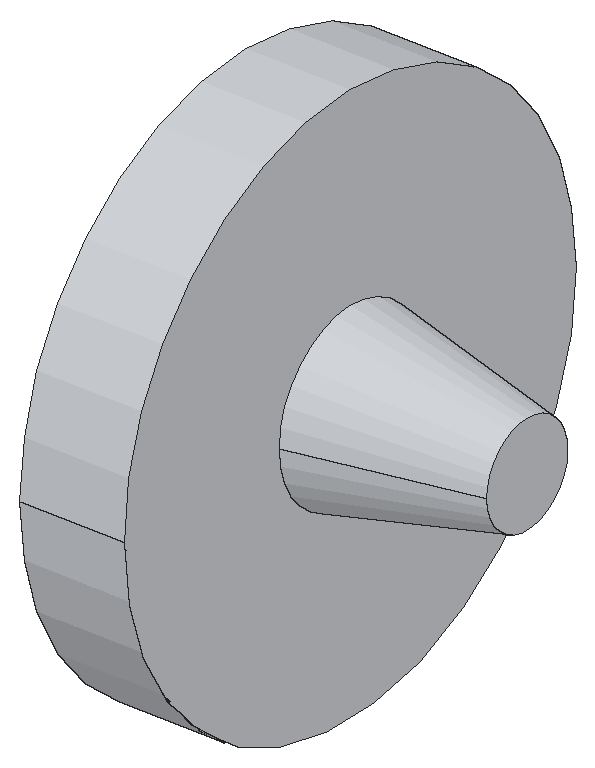
Revit family "10ccb82c2b4a4baaa00ae14e0265bceb", category Pipe Fittings, Revit 2021
Family settings
  Round Connector Dimension = Use Radius
  Part Type = Flange
  OmniClass Number = 23.60.30.11.14
  OmniClass Title = Pipework Fittings
  Seek Item ID = Flange - Weld Neck - Steel - Class 900-0000-USA-ENU
  Work Plane-Based = No
  Always vertical = Yes
  Cut with Voids When Loaded = No
  Shared = No
Parameters (values of type "Standard")
  Tick Size [instance] = Flange Outside Diameter * 0.4  # 1.88976"
  Raised Face Thickness [instance] = 1/4"  # constant formula
  Raised Face Radius [instance] = Raised Face Diameter / 2  # 0.68701"
  Raised Face Diameter [instance] = size_lookup(Lookup Table Name, "RFD", 1.11 * Nominal Diameter + 1 47/128", Nominal Diameter)  # 1.37402"
  Nominal Radius [instance] = 1/4"
  Nominal Diameter [instance] = Nominal Radius * 2  # 1/2"
  Loss Method = Not Defined
  Lookup Table Name = "Flange - Weld Neck - Steel - Class 900"
  Length Through Hub [instance] = size_lookup(Lookup Table Name, "LTH", 0.37 * Nominal Diameter + 2 227/256", Nominal Diameter)  # 2.3622"
  Hub Radius [instance] = Hub Diameter / 2  # 0.74803"
  Hub Diameter [instance] = size_lookup(Lookup Table Name, "HDia", 1.2 * Nominal Diameter + 1 53/128", Nominal Diameter)  # 1.49606"
  Hub Beginning Radius [instance] = Hub Beginning Diameter / 2  # 0.41929"
  Hub Beginning Diameter [instance] = size_lookup(Lookup Table Name, "HBD", 1 * Nominal Diameter + 29/64", Nominal Diameter)  # 0.83858"
  Flange Thickness [instance] = size_lookup(Lookup Table Name, "FThk", 0.18 * Nominal Diameter + 127/128", Nominal Diameter)  # 0.87795"
  Flange Outside Radius [instance] = Flange Outside Diameter / 2  # 2.3622"
  Flange Outside Diameter [instance] = size_lookup(Lookup Table Name, "FOD", 1.5 * Nominal Diameter + 5 33/256", Nominal Diameter)  # 4.72441"
  Default Elevation = 0' - 0"
Reference planes (in)
  plane 1 "Center (Front/Back)": y = 0
  plane 2: z = 0
  plane 3 "Center (Left/Right)": x = 0
  plane 4: x = 0.25
  plane 5: x = 1.12795
  plane 6: x = 2.6122
  plane 7: y = 1.88976
  plane 8: y = -1.88976
Forms (in)
  Sweep 1, solid, detail levels fine
    path in 3D
      loop
        line (0, 0, 0) -> (0.25, 0, 0)
    profile origin (0.125, 0, 0) x (0, 1, 0) y (0, 0, 1)
      loop
        circle (0, 0) r 0.68701
  Sweep 2, solid, detail levels fine
    path in 3D
      loop
        line (0.25, 0, 0) -> (1.12795, 0, 0)
    profile origin (0.68898, 0, 0) x (0, 1, 0) y (0, 0, 1)
      loop
        circle (0, 0) r 2.3622
  SweptBlend 3, solid, detail levels fine
    path in 3D
      loop
        line (1.12795, 0, 0) -> (2.6122, 0, 0)
    profile origin (1.12795, 0, 0) x (0, 1, 0) y (0, 0, 1)
      loop
        circle (0, 0) r 0.74803
    end profile origin (2.6122, 0, 0) x (0, 1, 0) y (0, 0, 1)
      loop
        circle (0, 0) r 0.41929
Cuts and joins
  joined: Sweep 1, Sweep 2, SweptBlend 3
Lines and regions (in)
  model lines, detail levels coarse+medium
    curve 1: line (0, 0, 0) -> (0.25, 0, 0)
    curve 2: line (0.25, 0, 0) -> (1.12795, 0, 0)
    curve 3: line (1.12795, 0, 0) -> (2.6122, 0, 0)
    curve 6: line (1.12795, 1.88976, 0) -> (1.12795, -1.88976, 0)
  sketch lines
    curve 4: line (0, 0, 0) -> (0.25, 0, 0)
    curve 5: line (0.25, 0, 0) -> (1.12795, 0, 0)
    curve 7: line (1.12795, 0, 0) -> (2.6122, 0, 0)
Dimensions and locks (in)
  "Raised Face Thickness": plane 3 "Center (Left/Right)" to plane 4
  "Flange Thickness": plane 4 to plane 5
  "Length Through Hub": plane 4 to plane 6
  equal spacing: plane 7, plane 1 "Center (Front/Back)", plane 8
  "Tick Size": plane 7 to plane 1 "Center (Front/Back)"
  "Raised Face Radius": radius of Sweep 1 sketch curve
  "Flange Outside Radius": radius of Sweep 2 sketch curve
  "Hub Radius": radius of SweptBlend 3 sketch curve
  "Hub Beginning Radius": radius of SweptBlend 3 sketch curve
  aligned and locked: plane 3 "Center (Left/Right)" to curve 1
  aligned and locked: plane 4 to curve 1
  aligned and locked: plane 1 "Center (Front/Back)" to curve 1
  aligned and locked: plane 1 "Center (Front/Back)" to curve 2
  aligned and locked: plane 5 to curve 3
  aligned and locked: plane 6 to curve 3
  aligned and locked: plane 1 "Center (Front/Back)" to curve 3
  aligned and locked: plane 7 to curve 6
  aligned and locked: plane 8 to curve 6
  aligned and locked: curve 6 to plane 5
  aligned and locked: plane 1 "Center (Front/Back)" to SweptBlend 3 sketch curve  (x2)
  aligned and locked: plane 2 to SweptBlend 3 sketch curve  (x2)
Automatic sketch dimensions
  Sweep 1 sketch curve to profile plane = 0' - 0"  (x2)
  Sweep 2 sketch curve to profile plane = 0' - 0"  (x2)
Connectors (in)
  piping at (0, 0, 0), diameter 0.5, driven by "Nominal Radius"
    settings: on cut or joined group of Sweep 1, Sweep 2, SweptBlend 3, index 1, connector inside diameter 1/2", connector length 0' - 0", flow factor 0, pipe flow 0 GPM, pressure drop 0.00 psi, fitting loss kfactor 0, connector angle 0.00°, fixture units 0, engagement length 0' - 0", angle of deflection 0.00°, flow configuration 0, flow direction 0, fitting loss method 0, system type 28, joint type 0, gender type 0, connector reference index 2, connector utility 0, adjustable connector no, is connector primary yes, connector description ""
  piping at (2.6122, 0, 0), diameter 0.5, driven by "Nominal Radius"
    settings: on cut or joined group of Sweep 1, Sweep 2, SweptBlend 3, index 2, connector inside diameter 1/2", connector length 0' - 0", flow factor 0, pipe flow 0 GPM, pressure drop 0.00 psi, fitting loss kfactor 0, connector angle 0.00°, fixture units 0, engagement length 0' - 0", angle of deflection 0.00°, flow configuration 0, flow direction 0, fitting loss method 0, system type 28, joint type 0, gender type 0, connector reference index 1, connector utility 0, adjustable connector no, is connector primary no, connector description ""
